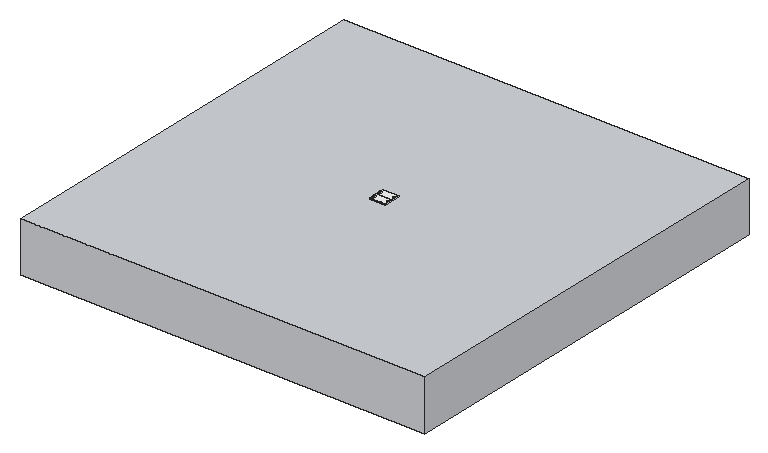
Revit family "Gira_5002003", category Elektroinstallationen, Revit 2017
Family settings
  Basisbauteil = Fläche
  Beschriftungsausrichtung beibehalten = Nein
  Bemaßung runder Anschluss = Durchmesser verwenden
  Teiletyp = Normal
  Beim Laden mit Abzugskörper schneiden = Nein
  Gemeinsam genutzt = Nein
  Raumberechnungspunkt = Nein
Parameters (values of type "KNX Tastsens.4 Komfort 2f TS4 Weiß")
  White = White
  Werkstoffgüte = ""
  Werkstoff Text = ""
  Default Elevation = 1219.2 mm
  URL = "https://www.gira.de/"
  Typname = "KNX Tastsens.4 Komfort 2f TS4 Weiß"
  Type Comments = ""
  Transparent = no
  Schutzart (IP) = "IP21"
  Produktseite = "https://media.stage.bim.site/t/eyJhbGciOiJIUzI1NiIsInR5cCI6IkpXVCJ9.eyJjdCI6MiwidHUiOiJodHRwOi8va2F0YWxvZy5naXJhLmRlL2RlX0RFL2RhdGVuYmxhdHQuaHRtbD9hcnRpa2VsbnI9NTAwMjAwMyIsImNpZCI6IjMyNzdjYzIzLTgxYTktNGVlMy1hOTBhLWI0N2JiNGMwYjYxNiIsInJpZCI6IjM0OWYyYTYwYWZiMjE3ZWJhNzkwYzZiMmYxZmM5ZDVkIiwicGlkIjoiZTk4NWNiY2U5YjNlYjJiMjc1NTY5NzI3ZDI5YTdhMjM5MjM3MWIxMyIsInNpZCI6IjYzNDcwIiwidXQiOjEsImxjIjoiZGUiLCJpYXQiOjE2MDA5NDQwMDIsImlzcyI6Imh0dHBzOi8vYXBpLmxpdmUuYmltLnNpdGUiLCJzdWIiOiJhZG1pbkBiaW1zaXRlLmRldiJ9.gLFV1qx3TCOCxFJAdqtVS_gHFBmruzi39dBua2jKmN0"
  Oberfläche Text = ""
  Montageart = "Unterputz"
  Model = ""
  Mit Raumthermostat = no
  Mit LED-Anzeige = yes
  Mit Infrarotsensor = no
  Mit Display = no
  Mit Diebstahl-/Demontageschutz = yes
  Mit Busankopplung = yes
  Mit Beschriftungsfeld = no
  Kosten = 0
  Hersteller = "Gira"
  HeinzeBIM = "https://www.heinze.de/bim/knx-tastsens-4-komfort-2f-ts4-weiss/e985cbce9b3eb2b275569727d29a7a2392371b13"
  HAN = "5002003"
  GTIN = "4010337070856"
  Funk bidirektional = no
  Farbe = "weiß"
  Datenblatt 1 = "https://media.stage.bim.site/t/eyJhbGciOiJIUzI1NiIsInR5cCI6IkpXVCJ9.eyJjdCI6MSwidGYiOiJwdWJsaWMvZ2lyYS9hZThjNTU3LzUwMDIwMDMudHh0IiwiY2lkIjoiMzI3N2NjMjMtODFhOS00ZWUzLWE5MGEtYjQ3YmI0YzBiNjE2IiwicmlkIjoiMzQ5ZjJhNjBhZmIyMTdlYmE3OTBjNmIyZjFmYzlkNWQiLCJwaWQiOiJlOTg1Y2JjZTliM2ViMmIyNzU1Njk3MjdkMjlhN2EyMzkyMzcxYjEzIiwic2lkIjoiNjM0NzAiLCJ1dCI6MSwibGMiOiJkZSIsImlhdCI6MTYwMDk0NDAwMiwiaXNzIjoiaHR0cHM6Ly9hcGkubGl2ZS5iaW0uc2l0ZSIsInN1YiI6ImFkbWluQGJpbXNpdGUuZGV2In0.VdFBTYCgW40hz7acliBs3vTksHwXEyoo_0KYFZg7mrA/5002003.txt"
  Datenblatt = "https://media.stage.bim.site/t/eyJhbGciOiJIUzI1NiIsInR5cCI6IkpXVCJ9.eyJjdCI6MSwidHUiOiJodHRwczovL2thdGFsb2cuZ2lyYS5kZS9kZV9ERS9kb3dubG9hZC5odG1sP2FydGlrZWxucj01MDAyMDAzIiwiY2lkIjoiMzI3N2NjMjMtODFhOS00ZWUzLWE5MGEtYjQ3YmI0YzBiNjE2IiwicmlkIjoiMzQ5ZjJhNjBhZmIyMTdlYmE3OTBjNmIyZjFmYzlkNWQiLCJwaWQiOiJlOTg1Y2JjZTliM2ViMmIyNzU1Njk3MjdkMjlhN2EyMzkyMzcxYjEzIiwic2lkIjoiNjM0NzAiLCJ1dCI6MSwibGMiOiJkZSIsImlhdCI6MTYwMDk0NDAwMiwiaXNzIjoiaHR0cHM6Ly9hcGkubGl2ZS5iaW0uc2l0ZSIsInN1YiI6ImFkbWluQGJpbXNpdGUuZGV2In0.SAOOGnr6LUc9BoNu-vxm8LUgMukmSxwfiYxU02_ezXk"
  Bussystem Powernet = no
  Bussystem LON = no
  Bussystem KNX-Funk = no
  Bussystem KNX = yes
  Bussystem Funkbus = no
  Beschreibung = "KNX Tastsensor 4 Komfort 2fach   Weiß Merkmale:  Tastsensor mit integriertem Busankoppler und der Möglichkeit einen verdrahteten Fernfühler anzuschließen.  Wippen- oder Tastenfunktion für jede Bedienfläche einstellbar.  Funktionen: Schalten, Dimmen, Jalousie, Wertgeber, Szenennebenstelle, 2-Kanal-Bedienung und Reglernebenstelle.  Schalten: Reaktion beim Drücken und   oder Loslassen, Einschalten, Ausschalten, Umschalten.  Dimmen: Zeiten für kurze und lange Betätigung, Dimmen in verschiedenen Stufen, Telegrammwiederholung bei langer Betätigung, Senden eines Stopptelegramms bei Ende der Betätigung.  Jalousiesteuerung: vier verschiedene Bedienkonzepte mit Zeiten für kurze und lange Betätigung und Lamellenverstellung.  Wertgeberfunktion: Wahl des Wertebereichs, Wert bei Betätigung.  Szenennebenstelle: mit oder ohne Speicherfunktion, Abruf interne Szene mit oder ohne Speicherfunktion.  2-Kanal-Bedienung: Für jede Wippe oder jede Taste kann die Bedienung von zwei unabhängigen Kanälen eingestellt werden. Dadurch können durch einen Tastendruck bis zu zwei Telegramme auf den Bus gesendet werden. Die Kanäle können unabhängig voneinander auf die Funktionen Schalten, Wertgeber oder Szene aufrufen parametriert werden. Reglernebenstelle- Eigenschaften:  Durch die Tastsensorfunktion Reglernebenstelle können externe Raumtemperaturregler angesteuert werden.  Betriebsmodusumschaltung, Zwang-Betriebsmodusumschaltung, Präsenzfunktion und Sollwertverschiebung.  Auswertung des Reglerzustandes über die Status-LED. Funktionen der Status-LED:  Jede Status-LED kann unabhängig zur Bedienfläche parametriert werden.  Die Status-LED können wahlweise rot, grün, blau, gelb, cyan, orange, violett oder weiß leuchten.  Funktionen Status-LED: immer AUS, immer EIN, Betätigungsanzeige, Telegrammquittierung, Statusanzeige, invertierte Statusanzeige, Ansteuerung über separates LED-Objekt, Betriebsmodusanzeige, Anzeige Reglerstatus, Anzeige Präsenzstatus und Anzeige invertierter Präsenzstatus.  Zusätzlich kann für jede Status-LED eine überlagerte Funktion freigegeben werden, wodurch eine andere Farbe und Anzeigeart eingestellt werden kann. Allgemeine Funktionen:  LED Alarmmeldung: Sämtliche LED des Tastsensors können bei einer Alarmmeldung gleichzeitig rot blinken.  LED Orientierungsbeleuchtung: Zur Orientierung können alle LED dauerhaft ausgeschaltet oder eingeschaltet sein, den Status eines separaten Kommunikationsobjekts anzeigen (EIN, AUS, blinken) oder bei einem beliebigen Tastendruck eingeschaltet und nach Ablauf einer Verzögerungszeit automatisch wieder abgeschaltet werden.  LED Nachtabsenkung: Steuerung der Helligkeit aller Status-LED durch ein Kommunikationsobjekt. Dadurch ist beispielsweise das Reduzieren der Helligkeit während der Nachtstunden auf einen in der ETS konfigurierten Wert möglich.  Sperrfunktion zum Sperren von einzelnen Tasten- bzw. Wippen.  Szenenfunktion: Interne Speicherung von bis zu acht Szenen mit acht Ausgangskanälen.  Temperaturmessung: Raumtemperaturmessungen durch internen Fühler, internen und verdrahteten Fernfühler oder internen und externen Fühler.  Raumfeuchtemessung: Messung der Raumfeuchte durch internen Fühler.  Demontageschutz  Updatefähig und vorbereitet für KNX Secure.  Hinweise :  Professionelle Beschriftung über den Gira Beschriftungsservice www.beschriftung.gira.de.  Der Tastsensor wird mit einer programmneutralen Inbetriebnahme-Wippe geliefert. Das passende Wippenset zum Schalterprogramm ist separat zu bestellen."
  Assembly Code = ""
  Keynote = ""
  BIMSITE_PRODUCT_ID = "e985cbce9b3eb2b275569727d29a7a2392371b13"
  BIM = "https://media.stage.bim.site/t/eyJhbGciOiJIUzI1NiIsInR5cCI6IkpXVCJ9.eyJjdCI6MSwidGYiOiJwdWJsaWMvZ2lyYS9hZThjNTU3LzQwXzUwMDIwMCBUUzQgMmZhY2gucmZhIiwiY2lkIjoiMzI3N2NjMjMtODFhOS00ZWUzLWE5MGEtYjQ3YmI0YzBiNjE2IiwicmlkIjoiMzQ5ZjJhNjBhZmIyMTdlYmE3OTBjNmIyZjFmYzlkNWQiLCJwaWQiOiJlOTg1Y2JjZTliM2ViMmIyNzU1Njk3MjdkMjlhN2EyMzkyMzcxYjEzIiwic2lkIjoiNjM0NzAiLCJ1dCI6NSwibGMiOiJkZSIsImlhdCI6MTYwMDk0NDAwMiwiaXNzIjoiaHR0cHM6Ly9hcGkubGl2ZS5iaW0uc2l0ZSIsInN1YiI6ImFkbWluQGJpbXNpdGUuZGV2In0.OLHpsX1mB12kIDeb1sBZ2u0b3W0pVu54wQzxuig_BZs/40_500200 TS4 2fach.rfa"
  Anzahl der Tasten = 2
  Anzahl der Betätigungspunkte = 0
  Andere Bussysteme = "ohne"
Reference planes
  plane 1 "Center (Front/Back)": y = 0
  plane 2: z = 0
  plane 3 "Center (Left/Right)": x = 0
Forms (mm)
  Extrusion 1, solid
    sketch origin (0, 0, 0) x (1, 0, 0) y (0, 1, 0)
      loop
        line (-1219.2, 1219.2) -> (-1219.2, -1219.2) -> (1219.2, -1219.2) -> (1219.2, 1219.2) -> (-1219.2, 1219.2)
    from 0 to -304.8
  Extrusion 2, solid, material "White", detail levels fine
    sketch origin (0, 0, 0) x (1, 0, 0) y (0, 1, 0)
      loop
        line (25.45, 35.45) -> (-25.45, 35.45)
        arc (-25.45, 35.45) -> (-32.521, 32.521) -> (-35.45, 25.45) r 10
        line (-35.45, 25.45) -> (-35.45, -25.45)
        arc (-35.45, -25.45) -> (-32.521, -32.521) -> (-25.45, -35.45) r 10
        line (-25.45, -35.45) -> (25.45, -35.45)
        arc (25.45, -35.45) -> (32.521, -32.521) -> (35.45, -25.45) r 10
        line (35.45, -25.45) -> (35.45, 25.45)
        arc (35.45, 25.45) -> (32.521, 32.521) -> (25.45, 35.45) r 10
      loop
        arc (-31.325, 28.496) -> (-31.325, 25.668) -> (-28.496, 25.668) r 2
        line (-28.496, 25.668) -> (-25.668, 28.496)
        arc (-25.668, 28.496) -> (-25.668, 31.325) -> (-28.496, 31.325) r 2
        line (-28.496, 31.325) -> (-31.325, 28.496)
      loop
        arc (-28.496, -31.325) -> (-25.668, -31.325) -> (-25.668, -28.496) r 2
        line (-25.668, -28.496) -> (-28.496, -25.668)
        arc (-28.496, -25.668) -> (-31.325, -25.668) -> (-31.325, -28.496) r 2
        line (-31.325, -28.496) -> (-28.496, -31.325)
      loop
        line (31.325, 28.496) -> (28.496, 31.325)
        arc (28.496, 31.325) -> (25.668, 31.325) -> (25.668, 28.496) r 2
        line (25.668, 28.496) -> (28.496, 25.668)
        arc (28.496, 25.668) -> (31.325, 25.668) -> (31.325, 28.496) r 2
      loop
        line (28.496, -31.325) -> (31.325, -28.496)
        arc (31.325, -28.496) -> (31.325, -25.668) -> (28.496, -25.668) r 2
        line (28.496, -25.668) -> (25.668, -28.496)
        arc (25.668, -28.496) -> (25.668, -31.325) -> (28.496, -31.325) r 2
      loop
        line (-13.39, 22.831) -> (-22.831, 13.39) -> (-22.831, -13.39) -> (-13.39, -22.831) -> (13.39, -22.831) -> (22.831, -13.39) -> (22.831, 13.39) -> (13.39, 22.831) -> (-13.39, 22.831)
      loop
        arc (-1.681, 31.793) -> (-6.669, 29.581) -> (-1.417, 28.102) r 2.9
        arc (-1.417, 28.102) -> (2.178, 28.079) -> (5.741, 27.6) r 28.291
        arc (5.741, 27.6) -> (7.553, 29.282) -> (6.077, 31.265) r 1.851
        arc (6.077, 31.265) -> (2.215, 31.784) -> (-1.681, 31.793) r 29.64
      loop
        arc (1.681, -31.793) -> (6.669, -29.581) -> (1.417, -28.102) r 2.9
        arc (1.417, -28.102) -> (-2.178, -28.079) -> (-5.741, -27.6) r 28.291
        arc (-5.741, -27.6) -> (-7.553, -29.282) -> (-6.077, -31.265) r 1.851
        arc (-6.077, -31.265) -> (-2.215, -31.784) -> (1.681, -31.793) r 29.64
      loop
        arc (-31.793, -1.681) -> (-29.581, -6.669) -> (-28.102, -1.417) r 2.9
        arc (-28.102, -1.417) -> (-28.079, 2.178) -> (-27.6, 5.741) r 28.291
        arc (-27.6, 5.741) -> (-29.282, 7.553) -> (-31.265, 6.077) r 1.851
        arc (-31.265, 6.077) -> (-31.784, 2.215) -> (-31.793, -1.681) r 29.64
      loop
        arc (31.793, 1.681) -> (29.581, 6.669) -> (28.102, 1.417) r 2.9
        arc (28.102, 1.417) -> (28.079, -2.178) -> (27.6, -5.741) r 28.291
        arc (27.6, -5.741) -> (29.282, -7.553) -> (31.265, -6.077) r 1.851
        arc (31.265, -6.077) -> (31.784, -2.215) -> (31.793, 1.681) r 29.64
    from 0 to -1
  Extrusion 3, solid, material "White", detail levels medium+fine
    sketch origin (0, 0, 0) x (1, 0, 0) y (0, 1, 0)
      loop
        line (-22.831, 13.39) -> (-22.831, -13.39) -> (-13.39, -22.831) -> (13.39, -22.831) -> (22.831, -13.39) -> (22.831, 13.39) -> (13.39, 22.831) -> (-13.39, 22.831) -> (-22.831, 13.39)
    from 0 to -15.5
  Extrusion 4, solid, material "White", detail levels medium
    sketch origin (0, 0, 0) x (1, 0, 0) y (0, 1, 0)
      loop
        line (35.45, 35.45) -> (-35.45, 35.45) -> (-35.45, -35.45) -> (35.45, -35.45) -> (35.45, 35.45)
    from 0 to -1
  Extrusion 5, solid, material "White" <- "White", detail levels fine
    sketch origin (0, 0, 0) x (1, 0, 0) y (0, 1, 0)
      loop
        arc (-41.4, 44.4) -> (-43.521, 43.521) -> (-44.4, 41.4) r 3
        line (-44.4, 41.4) -> (-44.4, -41.4)
        arc (-44.4, -41.4) -> (-43.521, -43.521) -> (-41.4, -44.4) r 3
        line (-41.4, -44.4) -> (41.4, -44.4)
        arc (41.4, -44.4) -> (43.521, -43.521) -> (44.4, -41.4) r 3
        line (44.4, -41.4) -> (44.4, 41.4)
        arc (44.4, 41.4) -> (43.521, 43.521) -> (41.4, 44.4) r 3
        line (41.4, 44.4) -> (-41.4, 44.4)
      loop
        arc (-42.4, -41.4) -> (-42.107, -42.107) -> (-41.4, -42.4) r 1
        line (-41.4, -42.4) -> (41.4, -42.4)
        arc (41.4, -42.4) -> (42.107, -42.107) -> (42.4, -41.4) r 1
        line (42.4, -41.4) -> (42.4, 41.4)
        arc (42.4, 41.4) -> (42.107, 42.107) -> (41.4, 42.4) r 1
        line (41.4, 42.4) -> (-41.4, 42.4)
        arc (-41.4, 42.4) -> (-42.107, 42.107) -> (-42.4, 41.4) r 1
        line (-42.4, 41.4) -> (-42.4, -41.4)
    from 0 to 4
  Extrusion 6, solid, material "White" <- "White", detail levels medium
    sketch origin (0, 0, 0) x (1, 0, 0) y (0, 1, 0)
      loop
        line (-44.4, 44.4) -> (-44.4, -44.4) -> (44.4, -44.4) -> (44.4, 44.4) -> (-44.4, 44.4)
    from 0 to 4
  Extrusion 7, solid, material "White" <- "White", detail levels fine
    sketch origin (0, 0, 0) x (1, 0, 0) y (0, 1, 0)
      loop
        line (-46.5, -47.5) -> (46.5, -47.5)
        arc (46.5, -47.5) -> (47.207, -47.207) -> (47.5, -46.5) r 1
        line (47.5, -46.5) -> (47.5, 46.5)
        arc (47.5, 46.5) -> (47.207, 47.207) -> (46.5, 47.5) r 1
        line (46.5, 47.5) -> (-46.5, 47.5)
        arc (-46.5, 47.5) -> (-47.207, 47.207) -> (-47.5, 46.5) r 1
        line (-47.5, 46.5) -> (-47.5, -46.5)
        arc (-47.5, -46.5) -> (-47.207, -47.207) -> (-46.5, -47.5) r 1
    from 4 to 9
  Extrusion 8, solid, material "White" <- "White", detail levels medium
    sketch origin (0, 0, 0) x (1, 0, 0) y (0, 1, 0)
      loop
        line (-47.5, -47.5) -> (47.5, -47.5) -> (47.5, -0.2) -> (-47.5, -0.2) -> (-47.5, -47.5)
      loop
        line (47.5, 0.2) -> (47.5, 47.5) -> (-47.5, 47.5) -> (-47.5, 0.2) -> (47.5, 0.2)
    from 4 to 10.7
  Extrusion 9, solid, material "White" <- "White", detail levels fine
    sketch origin (0, 0, 0) x (1, 0, 0) y (0, 1, 0)
      loop
        line (-46.5, -47.5) -> (46.5, -47.5)
        arc (46.5, -47.5) -> (47.207, -47.207) -> (47.5, -46.5) r 1
        line (47.5, -46.5) -> (47.5, -1.2)
        arc (47.5, -1.2) -> (47.207, -0.493) -> (46.5, -0.2) r 1
        line (46.5, -0.2) -> (-46.5, -0.2)
        arc (-46.5, -0.2) -> (-47.207, -0.493) -> (-47.5, -1.2) r 1
        line (-47.5, -1.2) -> (-47.5, -46.5)
        arc (-47.5, -46.5) -> (-47.207, -47.207) -> (-46.5, -47.5) r 1
      loop
        line (47.5, 1.2) -> (47.5, 46.5)
        arc (47.5, 46.5) -> (47.207, 47.207) -> (46.5, 47.5) r 1
        line (46.5, 47.5) -> (-46.5, 47.5)
        arc (-46.5, 47.5) -> (-47.207, 47.207) -> (-47.5, 46.5) r 1
        line (-47.5, 46.5) -> (-47.5, 1.2)
        arc (-47.5, 1.2) -> (-47.207, 0.493) -> (-46.5, 0.2) r 1
        line (-46.5, 0.2) -> (46.5, 0.2)
        arc (46.5, 0.2) -> (47.207, 0.493) -> (47.5, 1.2) r 1
    from 9.3 to 10.3
  Extrusion 10, solid, material "White" <- "White", detail levels fine
    sketch origin (0, 0, 0) x (1, 0, 0) y (0, 1, 0)
      loop
        line (-37.5, 28.8) -> (-47.5, 28.8) -> (-47.5, 28) -> (-37.5, 28)
        arc (-37.5, 28) -> (-33.3, 23.8) -> (-37.5, 19.6) r 4.2
        line (-37.5, 19.6) -> (-47.5, 19.6) -> (-47.5, 18.8) -> (-37.5, 18.8)
        arc (-37.5, 18.8) -> (-32.5, 23.8) -> (-37.5, 28.8) r 5
      loop
        arc (37.5, 28.8) -> (32.5, 23.8) -> (37.5, 18.8) r 5
        line (37.5, 18.8) -> (47.5, 18.8) -> (47.5, 19.6) -> (37.5, 19.6)
        arc (37.5, 19.6) -> (33.3, 23.8) -> (37.5, 28) r 4.2
        line (37.5, 28) -> (47.5, 28) -> (47.5, 28.8) -> (37.5, 28.8)
      loop
        arc (-37.5, -28.8) -> (-32.5, -23.8) -> (-37.5, -18.8) r 5
        line (-37.5, -18.8) -> (-47.5, -18.8) -> (-47.5, -19.6) -> (-37.5, -19.6)
        arc (-37.5, -19.6) -> (-33.3, -23.8) -> (-37.5, -28) r 4.2
        line (-37.5, -28) -> (-47.5, -28) -> (-47.5, -28.8) -> (-37.5, -28.8)
      loop
        line (37.5, -28.8) -> (47.5, -28.8) -> (47.5, -28) -> (37.5, -28)
        arc (37.5, -28) -> (33.3, -23.8) -> (37.5, -19.6) r 4.2
        line (37.5, -19.6) -> (47.5, -19.6) -> (47.5, -18.8) -> (37.5, -18.8)
        arc (37.5, -18.8) -> (32.5, -23.8) -> (37.5, -28.8) r 5
    from 9.5 to 10.7
  Extrusion 11, solid, material "White" <- "White", detail levels coarse
    sketch origin (0, 0, 0) x (1, 0, 0) y (0, 1, 0)
      loop
        line (-47.5, -47.5) -> (47.5, -47.5) -> (47.5, 47.5) -> (-47.5, 47.5) -> (-47.5, -47.5)
    from -15.4 to 10.7
Lines and regions (mm)
  reference lines
    curve 1: line (0, 47.5, 0) -> (0, -47.5, 0)
    curve 2: line (-47.5, 0, 0) -> (47.5, 0, 0)
Dimensions and locks
  aligned and locked: plane 2 to Extrusion 1
  aligned and locked: level to Extrusion 1
Connectors
  electrical at (0, 0, -15.5)
    settings: on Extrusion 3, index 1, voltage 220 V, apparent load 0 VA, apparent load phase1 0 VA, apparent load phase2 0 VA, apparent load phase3 0 VA, power factor 1, load classification "Other", number of poles 1, system type 31, power factor state 1, is connector primary yes, connector utility no, sub classification motor no, connector description ""
